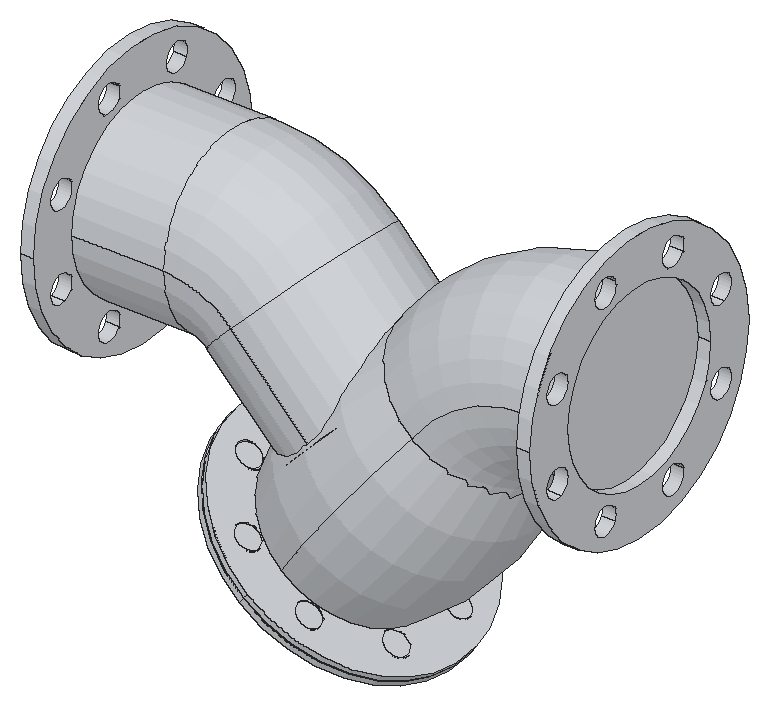
Revit family "Strainer R74FLY030", category Plumbing Fixtures, Revit 2015
Reference planes
  plane 1 "Center (Front/Back)": y = 0
  plane 2: z = 0
  plane 3 "Center (Left/Right)": x = 0
  plane 4: z = 226.196
  plane 5: z = -228.804
  plane 6: z = -515
  plane 7: x = -409.833
  plane 8: x = 440.167
  plane 9: y = 82.5
  plane 10: y = -24.969
  plane 11: through (-55.744, 0, -406.718) normal (-0.6236, 0, -0.7818)
  plane 12: through (-41.717, 0, -397.857) normal (-0.7818, 0, 0.6236)
  plane 13: through (235.035, 0, -51.313) normal (0.7812, 0, -0.6243)
  plane 14: y = -92.5
  plane 15: y = 92.5
  plane 16: through (-60.148, 0, -404.499) normal (0.7818, 0, -0.6236)
  plane 17: y = -112.704
Forms (mm)
  Extrusion 1, solid
    sketch origin (-95.333, 0.625, -1.116) x (0, 1, 0) y (0, 0, 1)
      loop
        circle (0, -0.188) r 227.5
      loop
        circle (70.655, 170.39) r 23.241
      loop
        circle (-70.655, 170.39) r 23.241
      loop
        circle (-170.577, 70.468) r 23.241
      loop
        circle (-170.577, -70.843) r 23.241
      loop
        circle (-70.655, -170.765) r 23.241
      loop
        circle (70.655, -170.765) r 23.241
      loop
        circle (170.577, -70.843) r 23.241
      loop
        circle (170.577, 70.468) r 23.241
      loop
        circle (0, 0.864) r 150
    from -314.5 to -292
  Sweep 2, solid
    path origin (-140.625, 0, -0.265) x (1, 0, 0) y (0, 0, 1)
      loop
        line (150.881, -177.316) -> (20.066, -46.501)
        arc (20.066, -46.501) -> (-31.842, -11.817) -> (-93.071, 0.362) r 160
        line (-93.071, 0.362) -> (-253.071, 0.362)
    profile origin (-313.696, 0, 0.097) x (0, 0, -1) y (0, -1, 0)
      loop
        circle (0, -0.625) r 150
  Sweep 3, solid
    path origin (249.034, 0, -6.202) x (-1, 0, 0) y (0, 0, -1)
      loop
        line (-168.632, -6.208) -> (-130.214, -6.208)
        arc (-130.214, -6.208) -> (-2.317, 31.674) -> (84.318, 133.098) r 234.842
    profile origin (398.457, 0, 0.006) x (0, 0, -1) y (0, -1, 0)
      loop
        circle (0, 0) r 150
  Revolve 4, solid
    sketch origin (10.991, 217.413, -331.915) x (0.016697, 0.999772, -0.013344) y (0.62431, 0, 0.781177)
      loop
        line (-365.426, -67.895) -> (-364.429, -67.878)
        arc (-364.429, -67.878) -> (-395.88, 111.988) -> (-364.423, 291.852) r 530
        line (-364.423, 291.852) -> (-365.426, 291.835)
        arc (-365.426, 291.835) -> (-396.88, 111.97) -> (-365.426, -67.895) r 530
      axis (-217.432, -67.895) -> (-217.432, 291.852)
    angle from 0 to 360
  Extrusion 5, solid
    sketch origin (-41.235, -0.237, -389.705) x (0, 1, 0) y (-0.781752, 0, 0.62359)
      loop
        circle (0, 0) r 220.7
      loop
        circle (65.061, 157.072) r 21.401
      loop
        circle (-65.061, 157.072) r 21.401
      loop
        circle (-157.072, 65.061) r 21.401
      loop
        circle (-157.072, -65.061) r 21.401
      loop
        circle (-65.061, -157.072) r 21.401
      loop
        circle (157.072, -65.061) r 21.401
      loop
        circle (157.072, 65.061) r 21.401
      loop
        circle (65.061, -157.072) r 21.401
    from 0 to 10
  Extrusion 6, solid
    sketch origin (-48.644, -0.237, -399.075) x (0, 1, 0) y (-0.781752, 0, 0.62359)
      loop
        circle (0, 0) r 220.744
      loop
        circle (65.074, 157.103) r 21.405
      loop
        circle (-65.074, 157.103) r 21.405
      loop
        circle (-157.103, 65.074) r 21.405
      loop
        circle (-157.103, -65.074) r 21.405
      loop
        circle (-65.074, -157.103) r 21.405
      loop
        circle (157.103, -65.074) r 21.405
      loop
        circle (157.103, 65.074) r 21.405
      loop
        circle (65.074, -157.103) r 21.405
    from 0 to 10
  Extrusion 7, solid
    sketch origin (-76.959, 63.492, -382.885) x (0.781752, 0, -0.62359) y (0, 1, 0)
      loop
        line (-114.314, 28.407) -> (-143.763, 22.682) -> (-153.53, -5.683) -> (-133.849, -28.325) -> (-104.4, -22.6) -> (-94.633, 5.765) -> (-114.314, 28.407)
    from 0 to 5
  Extrusion 8, solid
    sketch origin (-73.191, 63.689, -379.531) x (0.781752, 0, -0.62359) y (0, 1, 0)
      loop
        circle (-124.486, 0) r 21.4
    from 0 to 21.5
  Extrusion 9, solid, not visible
    sketch origin (-41.183, -16.338, -107.366) x (1, 0, 0) y (0, 1, 0)
      loop
        line (-114.314, 28.407) -> (-143.763, 22.682) -> (-153.53, -5.683) -> (-133.849, -28.325) -> (-104.4, -22.6) -> (-94.633, 5.765) -> (-114.314, 28.407)
    from 0 to 5
  Extrusion 10, solid, not visible
    sketch origin (-40.329, -16.141, -102.394) x (1, 0, 0) y (0, 1, 0)
      loop
        circle (-124.486, 0) r 21.4
    from 0 to 21.5
  Extrusion 11, solid
    sketch origin (-76.127, -65.051, -383.548) x (0.781752, 0, -0.62359) y (0, 1, 0)
      loop
        line (-114.314, 28.407) -> (-143.763, 22.682) -> (-153.53, -5.683) -> (-133.849, -28.325) -> (-104.4, -22.6) -> (-94.633, 5.765) -> (-114.314, 28.407)
    from 0 to 5
  Extrusion 12, solid
    sketch origin (-72.36, -64.854, -380.194) x (0.781752, 0, -0.62359) y (0, 1, 0)
      loop
        circle (-124.486, 0) r 21.4
    from 0 to 21.5
  Extrusion 13, solid
    sketch origin (-5.377, -158.885, -439.977) x (0.781752, 0, -0.62359) y (0, 1, 0)
      loop
        line (-114.314, 28.407) -> (-143.763, 22.682) -> (-153.53, -5.683) -> (-133.849, -28.325) -> (-104.4, -22.6) -> (-94.633, 5.765) -> (-114.314, 28.407)
    from 0 to 5
  Extrusion 14, solid
    sketch origin (-1.609, -158.688, -436.623) x (0.781752, 0, -0.62359) y (0, 1, 0)
      loop
        circle (-124.486, 0) r 21.4
    from 0 to 21.5
  Extrusion 15, solid
    sketch origin (95.407, -159.437, -520.378) x (0.781752, 0, -0.62359) y (0, 1, 0)
      loop
        line (-114.314, 28.407) -> (-143.763, 22.682) -> (-153.53, -5.683) -> (-133.849, -28.325) -> (-104.4, -22.6) -> (-94.633, 5.765) -> (-114.314, 28.407)
    from 0 to 5
  Extrusion 16, solid
    sketch origin (99.174, -159.24, -517.023) x (0.781752, 0, -0.62359) y (0, 1, 0)
      loop
        circle (-124.486, 0) r 21.4
    from 0 to 21.5
  Extrusion 17, solid
    sketch origin (95.408, 156.047, -520.378) x (0.781752, 0, -0.62359) y (0, 1, 0)
      loop
        line (-114.314, 28.407) -> (-143.763, 22.682) -> (-153.53, -5.683) -> (-133.849, -28.325) -> (-104.4, -22.6) -> (-94.633, 5.765) -> (-114.314, 28.407)
    from 0 to 5
  Extrusion 18, solid
    sketch origin (99.175, 156.245, -517.024) x (0.781752, 0, -0.62359) y (0, 1, 0)
      loop
        circle (-124.486, 0) r 21.4
    from 0 to 21.5
  Extrusion 19, solid
    sketch origin (-5.955, 157.767, -439.516) x (0.781752, 0, -0.62359) y (0, 1, 0)
      loop
        line (-114.314, 28.407) -> (-143.763, 22.682) -> (-153.53, -5.683) -> (-133.849, -28.325) -> (-104.4, -22.6) -> (-94.633, 5.765) -> (-114.314, 28.407)
    from 0 to 5
  Extrusion 20, solid
    sketch origin (-2.187, 157.964, -436.162) x (0.781752, 0, -0.62359) y (0, 1, 0)
      loop
        circle (-124.486, 0) r 21.4
    from 0 to 21.5
  Extrusion 21, solid
    sketch origin (167.546, 64.825, -577.922) x (0.781752, 0, -0.62359) y (0, 1, 0)
      loop
        line (-114.314, 28.407) -> (-143.763, 22.682) -> (-153.53, -5.683) -> (-133.849, -28.325) -> (-104.4, -22.6) -> (-94.633, 5.765) -> (-114.314, 28.407)
    from 0 to 5
  Extrusion 22, solid
    sketch origin (171.314, 65.023, -574.568) x (0.781752, 0, -0.62359) y (0, 1, 0)
      loop
        circle (-124.486, 0) r 21.4
    from 0 to 21.5
  Extrusion 23, solid
    sketch origin (168.425, -65.558, -578.623) x (0.781752, 0, -0.62359) y (0, 1, 0)
      loop
        line (-114.314, 28.407) -> (-143.763, 22.682) -> (-153.53, -5.683) -> (-133.849, -28.325) -> (-104.4, -22.6) -> (-94.633, 5.765) -> (-114.314, 28.407)
    from 0 to 5
  Extrusion 24, solid
    sketch origin (172.192, -65.36, -575.269) x (0.781752, 0, -0.62359) y (0, 1, 0)
      loop
        circle (-124.486, 0) r 21.4
    from 0 to 21.5
  Revolve 25, solid
    sketch origin (90.382, 0.019, -314.389) x (0.781752, 0, -0.62359) y (0.62359, 0, 0.781752)
      loop
        line (-51.219, -153.022) -> (-91.239, -153.022) -> (-82.021, -161.141)
        arc (-82.021, -161.141) -> (-81.648, -161.366) -> (-81.219, -161.444) r 1.214
        line (-81.219, -161.444) -> (-51.219, -161.444) -> (-51.219, -153.022)
      axis (-51.219, -161.444) -> (-51.219, -153.022)
    angle from 0 to 360
  Revolve 26, solid
    sketch origin (59.632, 0, -357.831) x (0.781752, 0, -0.62359) y (0.62359, 0, 0.781752)
      loop
        line (-83.927, -111.165) -> (-54.209, -111.165) -> (-54.209, -108.299) -> (-83.944, -108.299)
        arc (-83.944, -108.299) -> (-84.533, -109.233) -> (-83.927, -110.157) r 1.021
        line (-83.927, -110.157) -> (-83.927, -111.165)
      axis (-54.209, -111.165) -> (-54.209, -108.299)
    angle from 0 to 360
  Extrusion 27, solid
    sketch origin (41.606, -0.139, -492.011) x (0.781752, 0, -0.62359) y (0, 1, 0)
      loop
        line (-114.314, 28.407) -> (-143.763, 22.682) -> (-153.53, -5.683) -> (-133.849, -28.325) -> (-104.4, -22.6) -> (-94.633, 5.765) -> (-114.314, 28.407)
    from 0 to 5
  Extrusion 28, solid
    sketch origin (45.373, 0.058, -488.656) x (0.781752, 0, -0.62359) y (0, 1, 0)
      loop
        circle (-124.486, 0) r 21.4
    from 0 to 21.5
  Extrusion 29, solid
    sketch origin (707.167, 0.625, -1.116) x (0, 1, 0) y (0, 0, 1)
      loop
        circle (0, -0.188) r 227.5
      loop
        circle (70.655, 170.39) r 23.241
      loop
        circle (-70.655, 170.39) r 23.241
      loop
        circle (-170.577, 70.468) r 23.241
      loop
        circle (-170.577, -70.843) r 23.241
      loop
        circle (-70.655, -170.765) r 23.241
      loop
        circle (70.655, -170.765) r 23.241
      loop
        circle (170.577, -70.843) r 23.241
      loop
        circle (170.577, 70.468) r 23.241
      loop
        circle (0, 0.864) r 150
    from -289.5 to -267
Dimensions and locks
  locked: plane 5 to plane 4 at 455
  locked: plane 6 to plane 2 at 515
  locked: plane 7 to plane 8 at 850
  locked: Extrusion 1 to Extrusion 1 at 22.5
  Revolve 4 sketch curve to Revolve 4 sketch curve = 147.961 mm
  locked: Extrusion 29 to Extrusion 29 at 22.5
  aligned and locked: level to plane 2
  aligned and locked: plane 7 to Extrusion 1
  aligned and locked: Extrusion 29 to plane 8
Connectors
  piping at (-387.333, 0.625, -0.252), diameter 300
    settings: on Extrusion 1, index 1, connector inside diameter 609.6 mm, connector length 0 mm, flow factor 0, pipe flow 0.0 L/s, pressure drop 0.0 Pa, fitting loss kfactor 0, connector angle 0.00°, fixture units 0, engagement length 0 mm, angle of deflection 0.00°, flow configuration 0, flow direction 0, fitting loss method 0, system type 7, joint type 0, gender type 0, connector reference index -1, connector utility 0, adjustable connector no, is connector primary yes, connector description ""
  piping at (417.667, 0, 0.006), diameter 300
    settings: on Sweep 3, index 2, connector inside diameter 609.6 mm, connector length 0 mm, flow factor 0, pipe flow 0.0 L/s, pressure drop 0.0 Pa, fitting loss kfactor 0, connector angle 0.00°, fixture units 0, engagement length 0 mm, angle of deflection 0.00°, flow configuration 0, flow direction 0, fitting loss method 0, system type 7, joint type 0, gender type 0, connector reference index -1, connector utility 0, adjustable connector no, is connector primary no, connector description ""
